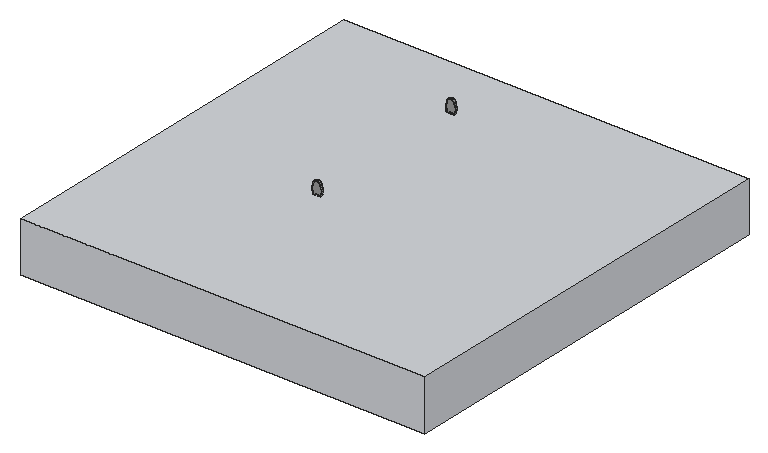
Revit family "Trade II торцевая крышка", category Обобщенные модели, Revit 2017
Family settings
  Основа = Грань
  Может служить основой для арматурных стержней = Нет
  Размер круглого соединителя = Использовать диаметр
  Тип детали = Нормальный
  При загрузке вырезать с полостями = Нет
  Общий = Нет
  Точка расчета площади = Нет
Parameters
  Расстояние от светильника до плоскости = Расстояние до плоскости + 72 mm  # 322 mm
  Расстояние до плоскости = 250 mm
  Default Elevation = 1219.2 mm
  Начало профиля = 500 mm
  Начало выделения = Начало профиля  # 500 mm
  Конец профиля = Начало профиля  # 500 mm
  Конец выделения = Конец профиля  # 500 mm
  Длина профиля = Начало профиля * 2  # 1000 mm
Reference planes
  plane 1 "По центру (Вперед/Назад)": y = 0
  plane 2: z = 0
  plane 3 "По центру (Влево/Вправо)": x = 0
  plane 4 "Плоскость низа светильника": z = 250
  plane 5 "Начало выд": y = -500
  plane 6 "Конец выд": y = 500
Forms (mm)
  Extrusion 1, solid
    sketch origin (0, 0, 0) x (1, 0, 0) y (0, 1, 0)
      loop
        line (-1219.2, 1219.2) -> (-1219.2, -1219.2) -> (1219.2, -1219.2) -> (1219.2, 1219.2) -> (-1219.2, 1219.2)
    from 0 to -304.8
  Extrusion 2, solid, material "Пластик ПК/АБС"
    sketch origin (0, 500, 0) x (0, 0, -1) y (1, 0, 0)
      loop
        arc (-298.752, 21.086) -> (-313.465, 14.795) -> (-319.533, -0.012) r 21.1
        arc (-319.533, -0.012) -> (-313.465, -14.818) -> (-298.752, -21.109) r 21.1
        arc (-298.752, -21.109) -> (-295.801, -23.179) -> (-292.204, -23.41) r 6.666
        arc (-292.204, -23.41) -> (-287.349, -22.848) -> (-283.631, -26.02) r 6.12
        line (-283.631, -26.02) -> (-282.1, -29.159)
        arc (-282.1, -29.159) -> (-281.536, -29.747) -> (-280.75, -29.964) r 1.536
        line (-280.75, -29.964) -> (-272.479, -29.964) -> (-264.208, -29.964)
        arc (-264.208, -29.964) -> (-263.423, -29.748) -> (-262.859, -29.161) r 1.536
        line (-262.859, -29.161) -> (-261.333, -26.017)
        arc (-261.333, -26.017) -> (-257.413, -22.783) -> (-252.402, -23.624) r 6.12
        arc (-252.402, -23.624) -> (-249.184, -24.431) -> (-246.185, -23.012) r 4.919
        arc (-246.185, -23.012) -> (-245.496, -23.055) -> (-244.832, -22.871) r 2.071
        arc (-244.832, -22.871) -> (-244.246, -22.355) -> (-244.028, -21.606) r 1.397
        line (-244.028, -21.606) -> (-244.028, -5.649) -> (-250, -5.649) -> (-250, -0.012) -> (-250, 5.625) -> (-244.028, 5.625) -> (-244.028, 21.583)
        arc (-244.028, 21.583) -> (-244.246, 22.332) -> (-244.832, 22.848) r 1.397
        arc (-244.832, 22.848) -> (-245.496, 23.032) -> (-246.185, 22.988) r 2.071
        arc (-246.185, 22.988) -> (-249.184, 24.408) -> (-252.402, 23.601) r 4.919
        arc (-252.402, 23.601) -> (-257.413, 22.759) -> (-261.333, 25.993) r 6.12
        line (-261.333, 25.993) -> (-262.859, 29.137)
        arc (-262.859, 29.137) -> (-263.423, 29.725) -> (-264.208, 29.94) r 1.536
        line (-264.208, 29.94) -> (-272.479, 29.94) -> (-280.75, 29.94)
        arc (-280.75, 29.94) -> (-281.536, 29.724) -> (-282.1, 29.136) r 1.536
        line (-282.1, 29.136) -> (-283.631, 25.997)
        arc (-283.631, 25.997) -> (-287.349, 22.825) -> (-292.204, 23.386) r 6.12
        arc (-292.204, 23.386) -> (-295.801, 23.156) -> (-298.752, 21.086) r 6.666
    from 0 to -1
  Extrusion 3, solid, material "Пластик ПК/АБС"
    sketch origin (0, -500, 0) x (0, 0, -1) y (1, 0, 0)
      loop
        line (-244.028, 5.632) -> (-244.028, 21.59)
        arc (-244.028, 21.59) -> (-244.246, 22.339) -> (-244.832, 22.854) r 1.397
        arc (-244.832, 22.854) -> (-245.496, 23.039) -> (-246.185, 22.995) r 2.071
        arc (-246.185, 22.995) -> (-249.184, 24.415) -> (-252.402, 23.607) r 4.919
        arc (-252.402, 23.607) -> (-257.413, 22.766) -> (-261.333, 26) r 6.12
        line (-261.333, 26) -> (-262.859, 29.144)
        arc (-262.859, 29.144) -> (-263.423, 29.731) -> (-264.208, 29.947) r 1.536
        line (-264.208, 29.947) -> (-272.479, 29.947) -> (-280.75, 29.947)
        arc (-280.75, 29.947) -> (-281.536, 29.731) -> (-282.1, 29.143) r 1.536
        line (-282.1, 29.143) -> (-283.631, 26.003)
        arc (-283.631, 26.003) -> (-287.349, 22.832) -> (-292.204, 23.393) r 6.12
        arc (-292.204, 23.393) -> (-295.801, 23.163) -> (-298.752, 21.093) r 6.666
        arc (-298.752, 21.093) -> (-313.465, 14.802) -> (-319.533, -0.005) r 21.1
        arc (-319.533, -0.005) -> (-313.465, -14.811) -> (-298.752, -21.102) r 21.1
        arc (-298.752, -21.102) -> (-295.801, -23.172) -> (-292.204, -23.403) r 6.666
        arc (-292.204, -23.403) -> (-287.349, -22.841) -> (-283.631, -26.013) r 6.12
        line (-283.631, -26.013) -> (-282.1, -29.153)
        arc (-282.1, -29.153) -> (-281.536, -29.741) -> (-280.75, -29.957) r 1.536
        line (-280.75, -29.957) -> (-272.479, -29.957) -> (-264.208, -29.957)
        arc (-264.208, -29.957) -> (-263.423, -29.741) -> (-262.859, -29.154) r 1.536
        line (-262.859, -29.154) -> (-261.333, -26.01)
        arc (-261.333, -26.01) -> (-257.413, -22.776) -> (-252.402, -23.617) r 6.12
        arc (-252.402, -23.617) -> (-249.184, -24.424) -> (-246.185, -23.005) r 4.919
        arc (-246.185, -23.005) -> (-245.496, -23.049) -> (-244.832, -22.864) r 2.071
        arc (-244.832, -22.864) -> (-244.246, -22.348) -> (-244.028, -21.599) r 1.397
        line (-244.028, -21.599) -> (-244.028, -5.642) -> (-248, -5.642) -> (-250, -5.649) -> (-250, 5.625) -> (-248, 5.625) -> (-244.028, 5.632)
    from 0 to 1
  Extrusion 4, solid, material "Пластик ПК/АБС"
    sketch origin (0, -500, 0) x (0, 0, -1) y (1, 0, 0)
      loop
        arc (-319.533, -0.005) -> (-313.465, -14.811) -> (-298.752, -21.102) r 21.1
        arc (-298.752, -21.102) -> (-295.801, -23.172) -> (-292.204, -23.403) r 6.666
        arc (-292.204, -23.403) -> (-287.349, -22.841) -> (-283.631, -26.013) r 6.12
        line (-283.631, -26.013) -> (-282.1, -29.153)
        arc (-282.1, -29.153) -> (-281.536, -29.741) -> (-280.75, -29.957) r 1.536
        line (-280.75, -29.957) -> (-272.479, -29.957) -> (-264.208, -29.957)
        arc (-264.208, -29.957) -> (-263.423, -29.741) -> (-262.859, -29.154) r 1.536
        line (-262.859, -29.154) -> (-261.333, -26.01)
        arc (-261.333, -26.01) -> (-257.413, -22.776) -> (-252.402, -23.617) r 6.12
        arc (-252.402, -23.617) -> (-249.184, -24.424) -> (-246.185, -23.005) r 4.919
        arc (-246.185, -23.005) -> (-245.496, -23.049) -> (-244.832, -22.864) r 2.071
        arc (-244.832, -22.864) -> (-244.246, -22.348) -> (-244.028, -21.599) r 1.397
        line (-244.028, -21.599) -> (-244.028, -5.642) -> (-248, -5.642) -> (-250, -5.649) -> (-250, -0.012) -> (-250, 5.639) -> (-248, 5.639) -> (-244.028, 5.632) -> (-244.028, 21.59)
        arc (-244.028, 21.59) -> (-244.246, 22.339) -> (-244.832, 22.854) r 1.397
        arc (-244.832, 22.854) -> (-245.496, 23.039) -> (-246.185, 22.995) r 2.071
        arc (-246.185, 22.995) -> (-249.184, 24.415) -> (-252.402, 23.607) r 4.919
        arc (-252.402, 23.607) -> (-257.413, 22.766) -> (-261.333, 26) r 6.12
        line (-261.333, 26) -> (-262.859, 29.144)
        arc (-262.859, 29.144) -> (-263.423, 29.731) -> (-264.208, 29.947) r 1.536
        line (-264.208, 29.947) -> (-272.479, 29.947) -> (-280.75, 29.947)
        arc (-280.75, 29.947) -> (-281.536, 29.731) -> (-282.1, 29.143) r 1.536
        line (-282.1, 29.143) -> (-283.631, 26.003)
        arc (-283.631, 26.003) -> (-287.349, 22.832) -> (-292.204, 23.393) r 6.12
        arc (-292.204, 23.393) -> (-295.801, 23.163) -> (-298.752, 21.093) r 6.666
        arc (-298.752, 21.093) -> (-313.465, 14.802) -> (-319.533, -0.005) r 21.1
      loop
        arc (-321.533, -0.005) -> (-315.194, -15.9) -> (-299.657, -23.072) r 23.1
        arc (-299.657, -23.072) -> (-295.831, -25.254) -> (-291.427, -25.274) r 8.666
        arc (-291.427, -25.274) -> (-288.06, -24.718) -> (-285.429, -26.89) r 4.12
        line (-285.429, -26.89) -> (-283.883, -30.06)
        arc (-283.883, -30.06) -> (-282.581, -31.446) -> (-280.75, -31.957) r 3.536
        line (-280.75, -31.957) -> (-272.479, -31.957) -> (-264.208, -31.957)
        arc (-264.208, -31.957) -> (-262.377, -31.446) -> (-261.075, -30.06) r 3.536
        line (-261.075, -30.06) -> (-259.534, -26.884)
        arc (-259.534, -26.884) -> (-256.893, -24.707) -> (-253.519, -25.276) r 4.12
        arc (-253.519, -25.276) -> (-249.474, -26.446) -> (-245.501, -25.054) r 6.919
        arc (-245.501, -25.054) -> (-244.724, -24.938) -> (-243.983, -24.675) r 4.071
        arc (-243.983, -24.675) -> (-242.558, -23.421) -> (-242.028, -21.599) r 3.397
        line (-242.028, -21.599) -> (-242.028, -3.642) -> (-248, -3.642) -> (-248, -0.012) -> (-248, 3.632) -> (-242.028, 3.632) -> (-242.028, 21.59)
        arc (-242.028, 21.59) -> (-242.558, 23.412) -> (-243.983, 24.665) r 3.397
        arc (-243.983, 24.665) -> (-244.724, 24.929) -> (-245.501, 25.045) r 4.071
        arc (-245.501, 25.045) -> (-249.474, 26.436) -> (-253.519, 25.267) r 6.919
        arc (-253.519, 25.267) -> (-256.893, 24.698) -> (-259.534, 26.875) r 4.12
        line (-259.534, 26.875) -> (-261.075, 30.05)
        arc (-261.075, 30.05) -> (-262.377, 31.436) -> (-264.208, 31.947) r 3.536
        line (-264.208, 31.947) -> (-272.479, 31.947) -> (-280.75, 31.947)
        arc (-280.75, 31.947) -> (-282.581, 31.436) -> (-283.883, 30.05) r 3.536
        line (-283.883, 30.05) -> (-285.429, 26.88)
        arc (-285.429, 26.88) -> (-288.06, 24.708) -> (-291.427, 25.265) r 4.12
        arc (-291.427, 25.265) -> (-295.831, 25.245) -> (-299.657, 23.063) r 8.666
        arc (-299.657, 23.063) -> (-315.194, 15.891) -> (-321.533, -0.005) r 23.1
    from 0 to 9
  Extrusion 5, solid, material "Пластик ПК/АБС"
    sketch origin (0, 500, 0) x (0, 0, -1) y (1, 0, 0)
      loop
        arc (-319.526, -0.004) -> (-313.459, -14.811) -> (-298.746, -21.101) r 21.1
        arc (-298.746, -21.101) -> (-295.795, -23.171) -> (-292.197, -23.402) r 6.666
        arc (-292.197, -23.402) -> (-287.343, -22.84) -> (-283.625, -26.012) r 6.12
        line (-283.625, -26.012) -> (-282.093, -29.152)
        arc (-282.093, -29.152) -> (-281.529, -29.74) -> (-280.743, -29.956) r 1.536
        line (-280.743, -29.956) -> (-272.472, -29.956) -> (-264.202, -29.956)
        arc (-264.202, -29.956) -> (-263.416, -29.74) -> (-262.852, -29.153) r 1.536
        line (-262.852, -29.153) -> (-261.326, -26.009)
        arc (-261.326, -26.009) -> (-257.406, -22.775) -> (-252.395, -23.616) r 6.12
        arc (-252.395, -23.616) -> (-249.177, -24.424) -> (-246.178, -23.004) r 4.919
        arc (-246.178, -23.004) -> (-245.49, -23.048) -> (-244.825, -22.863) r 2.071
        arc (-244.825, -22.863) -> (-244.239, -22.348) -> (-244.021, -21.598) r 1.397
        line (-244.021, -21.598) -> (-244.021, -5.641) -> (-247.993, -5.641) -> (-249.993, -5.648) -> (-249.993, -0.011) -> (-249.993, 5.64) -> (-247.993, 5.64) -> (-244.021, 5.633) -> (-244.021, 21.59)
        arc (-244.021, 21.59) -> (-244.239, 22.34) -> (-244.825, 22.855) r 1.397
        arc (-244.825, 22.855) -> (-245.49, 23.04) -> (-246.178, 22.996) r 2.071
        arc (-246.178, 22.996) -> (-249.177, 24.416) -> (-252.395, 23.608) r 4.919
        arc (-252.395, 23.608) -> (-257.406, 22.767) -> (-261.326, 26.001) r 6.12
        line (-261.326, 26.001) -> (-262.852, 29.145)
        arc (-262.852, 29.145) -> (-263.416, 29.732) -> (-264.202, 29.948) r 1.536
        line (-264.202, 29.948) -> (-272.472, 29.948) -> (-280.743, 29.948)
        arc (-280.743, 29.948) -> (-281.529, 29.732) -> (-282.093, 29.144) r 1.536
        line (-282.093, 29.144) -> (-283.625, 26.004)
        arc (-283.625, 26.004) -> (-287.343, 22.833) -> (-292.197, 23.394) r 6.12
        arc (-292.197, 23.394) -> (-295.795, 23.163) -> (-298.746, 21.094) r 6.666
        arc (-298.746, 21.094) -> (-313.459, 14.803) -> (-319.526, -0.004) r 21.1
      loop
        arc (-321.526, -0.004) -> (-315.188, -15.899) -> (-299.65, -23.071) r 23.1
        arc (-299.65, -23.071) -> (-295.824, -25.254) -> (-291.42, -25.273) r 8.666
        arc (-291.42, -25.273) -> (-288.054, -24.717) -> (-285.422, -26.889) r 4.12
        line (-285.422, -26.889) -> (-283.876, -30.059)
        arc (-283.876, -30.059) -> (-282.575, -31.445) -> (-280.743, -31.956) r 3.536
        line (-280.743, -31.956) -> (-272.472, -31.956) -> (-264.202, -31.956)
        arc (-264.202, -31.956) -> (-262.37, -31.445) -> (-261.068, -30.059) r 3.536
        line (-261.068, -30.059) -> (-259.527, -26.883)
        arc (-259.527, -26.883) -> (-256.887, -24.706) -> (-253.512, -25.275) r 4.12
        arc (-253.512, -25.275) -> (-249.468, -26.445) -> (-245.494, -25.053) r 6.919
        arc (-245.494, -25.053) -> (-244.717, -24.937) -> (-243.976, -24.674) r 4.071
        arc (-243.976, -24.674) -> (-242.551, -23.421) -> (-242.021, -21.598) r 3.397
        line (-242.021, -21.598) -> (-242.021, -3.641) -> (-247.993, -3.641) -> (-247.993, -0.011) -> (-247.993, 3.633) -> (-242.021, 3.633) -> (-242.021, 21.59)
        arc (-242.021, 21.59) -> (-242.551, 23.413) -> (-243.976, 24.666) r 3.397
        arc (-243.976, 24.666) -> (-244.717, 24.93) -> (-245.494, 25.046) r 4.071
        arc (-245.494, 25.046) -> (-249.468, 26.437) -> (-253.512, 25.267) r 6.919
        arc (-253.512, 25.267) -> (-256.887, 24.698) -> (-259.527, 26.875) r 4.12
        line (-259.527, 26.875) -> (-261.068, 30.051)
        arc (-261.068, 30.051) -> (-262.37, 31.437) -> (-264.202, 31.948) r 3.536
        line (-264.202, 31.948) -> (-272.472, 31.948) -> (-280.743, 31.948)
        arc (-280.743, 31.948) -> (-282.575, 31.437) -> (-283.876, 30.051) r 3.536
        line (-283.876, 30.051) -> (-285.422, 26.881)
        arc (-285.422, 26.881) -> (-288.054, 24.709) -> (-291.42, 25.265) r 4.12
        arc (-291.42, 25.265) -> (-295.824, 25.246) -> (-299.65, 23.064) r 8.666
        arc (-299.65, 23.064) -> (-315.188, 15.892) -> (-321.526, -0.004) r 23.1
    from 0 to -9
  Extrusion 6, solid, material "Пластик ПК/АБС"
    sketch origin (0, -500, 0) x (0, 0, -1) y (1, 0, 0)
      loop
        line (-244.028, 5.632) -> (-244.028, 21.59)
        arc (-244.028, 21.59) -> (-244.246, 22.339) -> (-244.832, 22.854) r 1.397
        arc (-244.832, 22.854) -> (-245.496, 23.039) -> (-246.185, 22.995) r 2.071
        arc (-246.185, 22.995) -> (-249.184, 24.415) -> (-252.402, 23.607) r 4.919
        arc (-252.402, 23.607) -> (-257.413, 22.766) -> (-261.333, 26) r 6.12
        line (-261.333, 26) -> (-262.859, 29.144)
        arc (-262.859, 29.144) -> (-263.423, 29.731) -> (-264.208, 29.947) r 1.536
        line (-264.208, 29.947) -> (-272.479, 29.947) -> (-280.75, 29.947)
        arc (-280.75, 29.947) -> (-281.536, 29.731) -> (-282.1, 29.143) r 1.536
        line (-282.1, 29.143) -> (-283.631, 26.003)
        arc (-283.631, 26.003) -> (-287.349, 22.832) -> (-292.204, 23.393) r 6.12
        arc (-292.204, 23.393) -> (-295.801, 23.163) -> (-298.752, 21.093) r 6.666
        arc (-298.752, 21.093) -> (-313.465, 14.802) -> (-319.533, -0.005) r 21.1
        arc (-319.533, -0.005) -> (-313.465, -14.811) -> (-298.752, -21.102) r 21.1
        arc (-298.752, -21.102) -> (-295.801, -23.172) -> (-292.204, -23.403) r 6.666
        arc (-292.204, -23.403) -> (-287.349, -22.841) -> (-283.631, -26.013) r 6.12
        line (-283.631, -26.013) -> (-282.1, -29.153)
        arc (-282.1, -29.153) -> (-281.536, -29.741) -> (-280.75, -29.957) r 1.536
        line (-280.75, -29.957) -> (-272.479, -29.957) -> (-264.208, -29.957)
        arc (-264.208, -29.957) -> (-263.423, -29.741) -> (-262.859, -29.154) r 1.536
        line (-262.859, -29.154) -> (-261.333, -26.01)
        arc (-261.333, -26.01) -> (-257.413, -22.776) -> (-252.402, -23.617) r 6.12
        arc (-252.402, -23.617) -> (-249.184, -24.424) -> (-246.185, -23.005) r 4.919
        arc (-246.185, -23.005) -> (-245.496, -23.049) -> (-244.832, -22.864) r 2.071
        arc (-244.832, -22.864) -> (-244.246, -22.348) -> (-244.028, -21.599) r 1.397
        line (-244.028, -21.599) -> (-244.028, -5.642) -> (-248, -5.642) -> (-250, -5.649) -> (-250, 5.625) -> (-248, 5.625) -> (-244.028, 5.632)
    from 8 to 9
  Extrusion 7, solid, material "Пластик ПК/АБС"
    sketch origin (0, 500, 0) x (0, 0, -1) y (1, 0, 0)
      loop
        line (-244.028, 5.632) -> (-244.028, 21.59)
        arc (-244.028, 21.59) -> (-244.246, 22.339) -> (-244.832, 22.854) r 1.397
        arc (-244.832, 22.854) -> (-245.496, 23.039) -> (-246.185, 22.995) r 2.071
        arc (-246.185, 22.995) -> (-249.184, 24.415) -> (-252.402, 23.607) r 4.919
        arc (-252.402, 23.607) -> (-257.413, 22.766) -> (-261.333, 26) r 6.12
        line (-261.333, 26) -> (-262.859, 29.144)
        arc (-262.859, 29.144) -> (-263.423, 29.731) -> (-264.208, 29.947) r 1.536
        line (-264.208, 29.947) -> (-272.479, 29.947) -> (-280.75, 29.947)
        arc (-280.75, 29.947) -> (-281.536, 29.731) -> (-282.1, 29.143) r 1.536
        line (-282.1, 29.143) -> (-283.631, 26.003)
        arc (-283.631, 26.003) -> (-287.349, 22.832) -> (-292.204, 23.393) r 6.12
        arc (-292.204, 23.393) -> (-295.801, 23.163) -> (-298.752, 21.093) r 6.666
        arc (-298.752, 21.093) -> (-313.465, 14.802) -> (-319.533, -0.005) r 21.1
        arc (-319.533, -0.005) -> (-313.465, -14.811) -> (-298.752, -21.102) r 21.1
        arc (-298.752, -21.102) -> (-295.801, -23.172) -> (-292.204, -23.403) r 6.666
        arc (-292.204, -23.403) -> (-287.349, -22.841) -> (-283.631, -26.013) r 6.12
        line (-283.631, -26.013) -> (-282.1, -29.153)
        arc (-282.1, -29.153) -> (-281.536, -29.741) -> (-280.75, -29.957) r 1.536
        line (-280.75, -29.957) -> (-272.479, -29.957) -> (-264.208, -29.957)
        arc (-264.208, -29.957) -> (-263.423, -29.741) -> (-262.859, -29.154) r 1.536
        line (-262.859, -29.154) -> (-261.333, -26.01)
        arc (-261.333, -26.01) -> (-257.413, -22.776) -> (-252.402, -23.617) r 6.12
        arc (-252.402, -23.617) -> (-249.184, -24.424) -> (-246.185, -23.005) r 4.919
        arc (-246.185, -23.005) -> (-245.496, -23.049) -> (-244.832, -22.864) r 2.071
        arc (-244.832, -22.864) -> (-244.246, -22.348) -> (-244.028, -21.599) r 1.397
        line (-244.028, -21.599) -> (-244.028, -5.642) -> (-248, -5.642) -> (-250, -5.649) -> (-250, 5.625) -> (-248, 5.625) -> (-244.028, 5.632)
    from -8 to -9
Dimensions and locks
  "Расстояние до плоскости": plane 4 "Плоскость низа светильника" to Extrusion 1
  "Начало выделения": plane 5 "Начало выд" to plane 1 "По центру (Вперед/Назад)"
  "Конец выделения": plane 1 "По центру (Вперед/Назад)" to plane 6 "Конец выд"
  aligned and locked: plane 2 to Extrusion 1
  aligned and locked: level to Extrusion 1
Automatic sketch dimensions
  Extrusion 1 sketch curve to Extrusion 1 sketch curve = 2438.4 mm  (x2)
  Extrusion 2 sketch curve to Extrusion 2 sketch curve = 0 mm  (x2)
  Extrusion 2 sketch curve to plane 4 "Плоскость низа светильника" = 0 mm
  plane 4 "Плоскость низа светильника" to Extrusion 2 sketch curve = 5.829 mm  (x2)
  Extrusion 2 sketch curve to Extrusion 2 sketch curve = 5.503 mm  (x2)
  Extrusion 2 sketch curve to Extrusion 2 sketch curve = 1.526 mm  (x2)
  Extrusion 2 sketch curve to Extrusion 2 sketch curve = 1.35 mm  (x4)
  Extrusion 2 sketch curve to Extrusion 2 sketch curve = 8.271 mm  (x4)
  Extrusion 2 sketch curve to Extrusion 2 sketch curve = 1.531 mm  (x2)
  Extrusion 2 sketch curve to Extrusion 2 sketch curve = 5.501 mm  (x2)
  Extrusion 2 sketch curve to Extrusion 2 sketch curve = 4.46 mm  (x2)
  Extrusion 2 sketch curve to plane 3 "По центру (Влево/Вправо)" = 0.012 mm  (x2)
  Extrusion 2 sketch curve to Extrusion 2 sketch curve = 4.841 mm
  Extrusion 2 sketch curve to plane 4 "Плоскость низа светильника" = 0.334 mm  (x2)
  Extrusion 2 sketch curve to Extrusion 2 sketch curve = 3.955 mm  (x2)
  Extrusion 2 sketch curve to Extrusion 2 sketch curve = 0.286 mm  (x2)
  Extrusion 2 sketch curve to Extrusion 2 sketch curve = 1.397 mm
  Extrusion 2 sketch curve to plane 4 "Плоскость низа светильника" = 5.972 mm
  Extrusion 2 sketch curve to plane 3 "По центру (Влево/Вправо)" = 5.649 mm
  Extrusion 2 sketch curve to plane 3 "По центру (Влево/Вправо)" = 16.89 mm
  Extrusion 2 sketch curve to Extrusion 2 sketch curve = 13.888 mm  (x2)
  Extrusion 2 sketch curve to Extrusion 2 sketch curve = 1.459 mm  (x2)
  Extrusion 2 sketch curve to Extrusion 2 sketch curve = 0.611 mm  (x2)
  Extrusion 2 sketch curve to Extrusion 2 sketch curve = 6.48 mm  (x2)
  Extrusion 2 sketch curve to Extrusion 2 sketch curve = 9.13 mm  (x2)
  Extrusion 2 sketch curve to Extrusion 2 sketch curve = 2.408 mm  (x2)
  Extrusion 2 sketch curve to Extrusion 2 sketch curve = 2.412 mm  (x2)
  Extrusion 2 sketch curve to Extrusion 2 sketch curve = 2.678 mm  (x2)
  Extrusion 2 sketch curve to Extrusion 2 sketch curve = 2.683 mm  (x2)
  Extrusion 2 sketch curve to Extrusion 2 sketch curve = 0.731 mm  (x2)
  plane 3 "По центру (Влево/Вправо)" to Extrusion 2 sketch curve = 5.625 mm
  plane 3 "По центру (Влево/Вправо)" to Extrusion 2 sketch curve = 16.867 mm
  plane 4 "Плоскость низа светильника" to Extrusion 2 sketch curve = 2.402 mm  (x2)
  Extrusion 2 sketch curve to Extrusion 2 sketch curve = 3.072 mm  (x2)
  Extrusion 2 sketch curve to Extrusion 2 sketch curve = 5.16 mm
  Extrusion 2 sketch curve to Extrusion 2 sketch curve = 1.353 mm  (x2)
  Extrusion 3 sketch curve to Extrusion 3 sketch curve = 0 mm  (x4)
  Extrusion 3 sketch curve to plane 4 "Плоскость низа светильника" = 0 mm
  plane 4 "Плоскость низа светильника" to Extrusion 3 sketch curve = 5.829 mm  (x2)
  Extrusion 3 sketch curve to Extrusion 3 sketch curve = 5.503 mm  (x2)
  Extrusion 3 sketch curve to Extrusion 3 sketch curve = 1.526 mm  (x2)
  Extrusion 3 sketch curve to Extrusion 3 sketch curve = 1.35 mm  (x4)
  Extrusion 3 sketch curve to Extrusion 3 sketch curve = 8.271 mm  (x4)
  Extrusion 3 sketch curve to Extrusion 3 sketch curve = 1.531 mm  (x2)
  Extrusion 3 sketch curve to Extrusion 3 sketch curve = 5.501 mm  (x2)
  Extrusion 3 sketch curve to Extrusion 3 sketch curve = 4.46 mm  (x2)
  Extrusion 3 sketch curve to plane 3 "По центру (Влево/Вправо)" = 0.005 mm
  Extrusion 3 sketch curve to Extrusion 3 sketch curve = 4.841 mm
  Extrusion 3 sketch curve to plane 4 "Плоскость низа светильника" = 0.334 mm  (x2)
  Extrusion 3 sketch curve to Extrusion 3 sketch curve = 3.955 mm  (x2)
  Extrusion 3 sketch curve to Extrusion 3 sketch curve = 0.286 mm  (x2)
  Extrusion 3 sketch curve to plane 4 "Плоскость низа светильника" = 5.972 mm  (x2)
  Extrusion 3 sketch curve to plane 3 "По центру (Влево/Вправо)" = 5.642 mm
  Extrusion 3 sketch curve to Extrusion 3 sketch curve = 0.007 mm  (x2)
  Extrusion 3 sketch curve to plane 3 "По центру (Влево/Вправо)" = 16.883 mm
  Extrusion 3 sketch curve to Extrusion 3 sketch curve = 13.881 mm
  Extrusion 3 sketch curve to Extrusion 3 sketch curve = 1.459 mm  (x2)
  Extrusion 3 sketch curve to Extrusion 3 sketch curve = 0.611 mm  (x2)
  Extrusion 3 sketch curve to Extrusion 3 sketch curve = 6.48 mm  (x2)
  Extrusion 3 sketch curve to Extrusion 3 sketch curve = 9.13 mm  (x2)
  Extrusion 3 sketch curve to Extrusion 3 sketch curve = 2.408 mm  (x2)
  Extrusion 3 sketch curve to Extrusion 3 sketch curve = 2.412 mm  (x2)
  Extrusion 3 sketch curve to Extrusion 3 sketch curve = 2.678 mm  (x2)
  Extrusion 3 sketch curve to Extrusion 3 sketch curve = 2.683 mm  (x2)
  Extrusion 3 sketch curve to Extrusion 3 sketch curve = 0.731 mm  (x2)
  plane 3 "По центру (Влево/Вправо)" to Extrusion 3 sketch curve = 5.625 mm
  plane 3 "По центру (Влево/Вправо)" to Extrusion 3 sketch curve = 16.874 mm
  Extrusion 3 sketch curve to Extrusion 3 sketch curve = 13.895 mm
  plane 4 "Плоскость низа светильника" to Extrusion 3 sketch curve = 2.402 mm  (x2)
  Extrusion 3 sketch curve to Extrusion 3 sketch curve = 3.072 mm  (x2)
  Extrusion 3 sketch curve to Extrusion 3 sketch curve = 5.16 mm
  Extrusion 3 sketch curve to plane 4 "Плоскость низа светильника" = 2 mm  (x2)
  Extrusion 3 sketch curve to Extrusion 3 sketch curve = 1.353 mm  (x2)
  Extrusion 4 sketch curve to Extrusion 4 sketch curve = 0 mm  (x48)
  Extrusion 4 sketch curve to plane 4 "Плоскость низа светильника" = 0 mm
  plane 4 "Плоскость низа светильника" to Extrusion 4 sketch curve = 5.829 mm  (x2)
  Extrusion 4 sketch curve to Extrusion 4 sketch curve = 3.705 mm  (x2)
  Extrusion 4 sketch curve to Extrusion 4 sketch curve = 1.541 mm  (x2)
  Extrusion 4 sketch curve to Extrusion 4 sketch curve = 1.799 mm  (x2)
  Extrusion 4 sketch curve to Extrusion 4 sketch curve = 1.783 mm  (x4)
  Extrusion 4 sketch curve to Extrusion 4 sketch curve = 1.35 mm  (x4)
  Extrusion 4 sketch curve to Extrusion 4 sketch curve = 8.271 mm  (x4)
  Extrusion 4 sketch curve to Extrusion 4 sketch curve = 1.531 mm  (x2)
  Extrusion 4 sketch curve to Extrusion 4 sketch curve = 1.798 mm  (x2)
  Extrusion 4 sketch curve to Extrusion 4 sketch curve = 3.703 mm  (x2)
  Extrusion 4 sketch curve to Extrusion 4 sketch curve = 4.46 mm  (x2)
  Extrusion 4 sketch curve to plane 3 "По центру (Влево/Вправо)" = 0.005 mm
  Extrusion 4 sketch curve to Extrusion 4 sketch curve = 4.841 mm
  Extrusion 4 sketch curve to plane 4 "Плоскость низа светильника" = 0.334 mm  (x2)
  Extrusion 4 sketch curve to plane 4 "Плоскость низа светильника" = 2 mm  (x2)
  Extrusion 4 sketch curve to Extrusion 4 sketch curve = 3.955 mm  (x2)
  Extrusion 4 sketch curve to Extrusion 4 sketch curve = 0.286 mm  (x2)
  Extrusion 4 sketch curve to Extrusion 4 sketch curve = 3.972 mm
  Extrusion 4 sketch curve to Extrusion 4 sketch curve = 1.397 mm
  Extrusion 4 sketch curve to Extrusion 4 sketch curve = 2 mm  (x5)
  Extrusion 4 sketch curve to plane 3 "По центру (Влево/Вправо)" = 0.012 mm  (x2)
  Extrusion 4 sketch curve to Extrusion 4 sketch curve = 3.63 mm
  Extrusion 4 sketch curve to Extrusion 4 sketch curve = 0.007 mm  (x2)
  Extrusion 4 sketch curve to plane 3 "По центру (Влево/Вправо)" = 16.883 mm
  Extrusion 4 sketch curve to Extrusion 4 sketch curve = 13.881 mm  (x2)
  Extrusion 4 sketch curve to Extrusion 4 sketch curve = 1.459 mm  (x2)
  Extrusion 4 sketch curve to Extrusion 4 sketch curve = 0.611 mm  (x2)
  Extrusion 4 sketch curve to Extrusion 4 sketch curve = 6.48 mm  (x2)
  Extrusion 4 sketch curve to Extrusion 4 sketch curve = 9.13 mm  (x2)
  Extrusion 4 sketch curve to Extrusion 4 sketch curve = 0.874 mm  (x2)
  Extrusion 4 sketch curve to Extrusion 4 sketch curve = 0.877 mm  (x2)
  Extrusion 4 sketch curve to Extrusion 4 sketch curve = 2.412 mm  (x2)
  Extrusion 4 sketch curve to Extrusion 4 sketch curve = 2.408 mm  (x2)
  Extrusion 4 sketch curve to Extrusion 4 sketch curve = 1.804 mm  (x2)
  Extrusion 4 sketch curve to Extrusion 4 sketch curve = 1.806 mm  (x2)
  Extrusion 4 sketch curve to Extrusion 4 sketch curve = 0.731 mm  (x2)
  Extrusion 4 sketch curve to Extrusion 4 sketch curve = 0.907 mm
  plane 3 "По центру (Влево/Вправо)" to Extrusion 4 sketch curve = 3.632 mm
  plane 3 "По центру (Влево/Вправо)" to Extrusion 4 sketch curve = 16.874 mm
  Extrusion 4 sketch curve to Extrusion 4 sketch curve = 0.906 mm
  plane 4 "Плоскость низа светильника" to Extrusion 4 sketch curve = 2.402 mm  (x2)
  Extrusion 4 sketch curve to Extrusion 4 sketch curve = 1.117 mm  (x2)
  Extrusion 4 sketch curve to Extrusion 4 sketch curve = 2.295 mm  (x2)
  Extrusion 4 sketch curve to Extrusion 4 sketch curve = 0.778 mm  (x2)
  Extrusion 4 sketch curve to Extrusion 4 sketch curve = 5.16 mm
  Extrusion 4 sketch curve to Extrusion 4 sketch curve = 0.905 mm
  Extrusion 4 sketch curve to Extrusion 4 sketch curve = 1.353 mm  (x2)
  Extrusion 4 sketch curve to Extrusion 4 sketch curve = 1.518 mm  (x2)
  Extrusion 5 sketch curve to Extrusion 5 sketch curve = 0 mm  (x49)
  Extrusion 5 sketch curve to plane 3 "По центру (Влево/Вправо)" = 0.004 mm
  plane 4 "Плоскость низа светильника" to Extrusion 5 sketch curve = 48.426 mm
  Extrusion 5 sketch curve to Extrusion 5 sketch curve = 4.841 mm  (x2)
  Extrusion 5 sketch curve to Extrusion 5 sketch curve = 4.46 mm  (x2)
  Extrusion 5 sketch curve to Extrusion 5 sketch curve = 3.703 mm  (x2)
  Extrusion 5 sketch curve to plane 3 "По центру (Влево/Вправо)" = 26.889 mm
  Extrusion 5 sketch curve to Extrusion 5 sketch curve = 1.546 mm  (x2)
  Extrusion 5 sketch curve to Extrusion 5 sketch curve = 1.798 mm  (x2)
  Extrusion 5 sketch curve to Extrusion 5 sketch curve = 1.783 mm  (x4)
  Extrusion 5 sketch curve to Extrusion 5 sketch curve = 1.35 mm  (x4)
  Extrusion 5 sketch curve to Extrusion 5 sketch curve = 8.271 mm  (x4)
  Extrusion 5 sketch curve to Extrusion 5 sketch curve = 1.526 mm  (x2)
  Extrusion 5 sketch curve to Extrusion 5 sketch curve = 1.799 mm  (x2)
  Extrusion 5 sketch curve to Extrusion 5 sketch curve = 3.705 mm  (x2)
  Extrusion 5 sketch curve to plane 4 "Плоскость низа светильника" = 0.007 mm
  Extrusion 5 sketch curve to plane 4 "Плоскость низа светильника" = 0.341 mm  (x2)
  Extrusion 5 sketch curve to plane 4 "Плоскость низа светильника" = 2.007 mm
  Extrusion 5 sketch curve to Extrusion 5 sketch curve = 3.955 mm  (x2)
  Extrusion 5 sketch curve to Extrusion 5 sketch curve = 0.286 mm  (x2)
  Extrusion 5 sketch curve to Extrusion 5 sketch curve = 3.972 mm
  Extrusion 5 sketch curve to Extrusion 5 sketch curve = 1.397 mm
  Extrusion 5 sketch curve to Extrusion 5 sketch curve = 2 mm  (x6)
  Extrusion 5 sketch curve to Extrusion 5 sketch curve = 1.532 mm  (x2)
  Extrusion 5 sketch curve to Extrusion 5 sketch curve = 0.266 mm
  Extrusion 5 sketch curve to Extrusion 5 sketch curve = 1.806 mm  (x2)
  Extrusion 5 sketch curve to Extrusion 5 sketch curve = 0.731 mm  (x2)
  Extrusion 5 sketch curve to Extrusion 5 sketch curve = 0.907 mm
  Extrusion 5 sketch curve to Extrusion 5 sketch curve = 3.176 mm
  Extrusion 5 sketch curve to Extrusion 5 sketch curve = 0.877 mm  (x2)
  Extrusion 5 sketch curve to Extrusion 5 sketch curve = 0.874 mm  (x2)
  Extrusion 5 sketch curve to Extrusion 5 sketch curve = 7.088 mm
  Extrusion 5 sketch curve to Extrusion 5 sketch curve = 0.611 mm  (x2)
  Extrusion 5 sketch curve to Extrusion 5 sketch curve = 1.459 mm  (x2)
  Extrusion 5 sketch curve to Extrusion 5 sketch curve = 11.813 mm
  Extrusion 5 sketch curve to plane 3 "По центру (Влево/Вправо)" = 5.648 mm
  Extrusion 5 sketch curve to Extrusion 5 sketch curve = 0.007 mm  (x2)
  Extrusion 5 sketch curve to plane 3 "По центру (Влево/Вправо)" = 0.011 mm  (x2)
  plane 3 "По центру (Влево/Вправо)" to Extrusion 5 sketch curve = 3.633 mm
  plane 3 "По центру (Влево/Вправо)" to Extrusion 5 sketch curve = 16.874 mm
  Extrusion 5 sketch curve to Extrusion 5 sketch curve = 13.881 mm
  Extrusion 5 sketch curve to Extrusion 5 sketch curve = 6.48 mm
  Extrusion 5 sketch curve to Extrusion 5 sketch curve = 9.13 mm
  Extrusion 5 sketch curve to Extrusion 5 sketch curve = 2.408 mm
  Extrusion 5 sketch curve to Extrusion 5 sketch curve = 2.412 mm
  Extrusion 5 sketch curve to Extrusion 5 sketch curve = 1.804 mm
  Extrusion 5 sketch curve to Extrusion 5 sketch curve = 0.906 mm
  Extrusion 5 sketch curve to Extrusion 5 sketch curve = 5.16 mm  (x2)
  Extrusion 5 sketch curve to Extrusion 5 sketch curve = 0.905 mm  (x2)
  Extrusion 5 sketch curve to Extrusion 5 sketch curve = 21.1 mm
  plane 4 "Плоскость низа светильника" to Extrusion 5 sketch curve = 3.512 mm  (x2)
  Extrusion 5 sketch curve to Extrusion 5 sketch curve = 1.117 mm  (x2)
  Extrusion 5 sketch curve to Extrusion 5 sketch curve = 1.353 mm  (x2)
  Extrusion 5 sketch curve to Extrusion 5 sketch curve = 1.518 mm  (x2)
  Extrusion 6 sketch curve to Extrusion 6 sketch curve = 0 mm  (x4)
  Extrusion 6 sketch curve to plane 4 "Плоскость низа светильника" = 0 mm
  plane 4 "Плоскость низа светильника" to Extrusion 6 sketch curve = 5.829 mm  (x2)
  Extrusion 6 sketch curve to Extrusion 6 sketch curve = 5.503 mm  (x2)
  Extrusion 6 sketch curve to Extrusion 6 sketch curve = 1.526 mm  (x2)
  Extrusion 6 sketch curve to Extrusion 6 sketch curve = 1.35 mm  (x4)
  Extrusion 6 sketch curve to Extrusion 6 sketch curve = 8.271 mm  (x4)
  Extrusion 6 sketch curve to Extrusion 6 sketch curve = 1.531 mm  (x2)
  Extrusion 6 sketch curve to Extrusion 6 sketch curve = 5.501 mm  (x2)
  Extrusion 6 sketch curve to Extrusion 6 sketch curve = 4.46 mm  (x2)
  Extrusion 6 sketch curve to plane 3 "По центру (Влево/Вправо)" = 0.005 mm
  Extrusion 6 sketch curve to Extrusion 6 sketch curve = 4.841 mm
  Extrusion 6 sketch curve to plane 4 "Плоскость низа светильника" = 0.334 mm  (x2)
  Extrusion 6 sketch curve to Extrusion 6 sketch curve = 3.955 mm  (x2)
  Extrusion 6 sketch curve to Extrusion 6 sketch curve = 0.286 mm  (x2)
  Extrusion 6 sketch curve to plane 4 "Плоскость низа светильника" = 5.972 mm  (x2)
  Extrusion 6 sketch curve to plane 3 "По центру (Влево/Вправо)" = 5.642 mm
  Extrusion 6 sketch curve to Extrusion 6 sketch curve = 0.007 mm  (x2)
  Extrusion 6 sketch curve to plane 3 "По центру (Влево/Вправо)" = 16.883 mm
  Extrusion 6 sketch curve to Extrusion 6 sketch curve = 13.881 mm
  Extrusion 6 sketch curve to Extrusion 6 sketch curve = 1.459 mm  (x2)
  Extrusion 6 sketch curve to Extrusion 6 sketch curve = 0.611 mm  (x2)
  Extrusion 6 sketch curve to Extrusion 6 sketch curve = 6.48 mm  (x2)
  Extrusion 6 sketch curve to Extrusion 6 sketch curve = 9.13 mm  (x2)
  Extrusion 6 sketch curve to Extrusion 6 sketch curve = 2.408 mm  (x2)
  Extrusion 6 sketch curve to Extrusion 6 sketch curve = 2.412 mm  (x2)
  Extrusion 6 sketch curve to Extrusion 6 sketch curve = 2.678 mm  (x2)
  Extrusion 6 sketch curve to Extrusion 6 sketch curve = 2.683 mm  (x2)
  Extrusion 6 sketch curve to Extrusion 6 sketch curve = 0.731 mm  (x2)
  plane 3 "По центру (Влево/Вправо)" to Extrusion 6 sketch curve = 5.625 mm
  plane 3 "По центру (Влево/Вправо)" to Extrusion 6 sketch curve = 16.874 mm
  Extrusion 6 sketch curve to Extrusion 6 sketch curve = 13.895 mm
  plane 4 "Плоскость низа светильника" to Extrusion 6 sketch curve = 2.402 mm  (x2)
  Extrusion 6 sketch curve to Extrusion 6 sketch curve = 3.072 mm  (x2)
  Extrusion 6 sketch curve to Extrusion 6 sketch curve = 5.16 mm
  Extrusion 6 sketch curve to plane 4 "Плоскость низа светильника" = 2 mm  (x2)
  Extrusion 6 sketch curve to Extrusion 6 sketch curve = 1.353 mm  (x2)
  Extrusion 7 sketch curve to Extrusion 7 sketch curve = 0 mm  (x4)
  Extrusion 7 sketch curve to plane 4 "Плоскость низа светильника" = 0 mm
  plane 4 "Плоскость низа светильника" to Extrusion 7 sketch curve = 5.829 mm  (x2)
  Extrusion 7 sketch curve to Extrusion 7 sketch curve = 5.503 mm  (x2)
  Extrusion 7 sketch curve to Extrusion 7 sketch curve = 1.526 mm  (x2)
  Extrusion 7 sketch curve to Extrusion 7 sketch curve = 1.35 mm  (x4)
  Extrusion 7 sketch curve to Extrusion 7 sketch curve = 8.271 mm  (x4)
  Extrusion 7 sketch curve to Extrusion 7 sketch curve = 1.531 mm  (x2)
  Extrusion 7 sketch curve to Extrusion 7 sketch curve = 5.501 mm  (x2)
  Extrusion 7 sketch curve to Extrusion 7 sketch curve = 4.46 mm  (x2)
  Extrusion 7 sketch curve to plane 3 "По центру (Влево/Вправо)" = 0.005 mm
  Extrusion 7 sketch curve to Extrusion 7 sketch curve = 4.841 mm
  Extrusion 7 sketch curve to plane 4 "Плоскость низа светильника" = 0.334 mm  (x2)
  Extrusion 7 sketch curve to Extrusion 7 sketch curve = 3.955 mm  (x2)
  Extrusion 7 sketch curve to Extrusion 7 sketch curve = 0.286 mm  (x2)
  Extrusion 7 sketch curve to plane 4 "Плоскость низа светильника" = 5.972 mm  (x2)
  Extrusion 7 sketch curve to plane 3 "По центру (Влево/Вправо)" = 5.642 mm
  Extrusion 7 sketch curve to Extrusion 7 sketch curve = 0.007 mm  (x2)
  Extrusion 7 sketch curve to plane 3 "По центру (Влево/Вправо)" = 16.883 mm
  Extrusion 7 sketch curve to Extrusion 7 sketch curve = 13.881 mm
  Extrusion 7 sketch curve to Extrusion 7 sketch curve = 1.459 mm  (x2)
  Extrusion 7 sketch curve to Extrusion 7 sketch curve = 0.611 mm  (x2)
  Extrusion 7 sketch curve to Extrusion 7 sketch curve = 6.48 mm  (x2)
  Extrusion 7 sketch curve to Extrusion 7 sketch curve = 9.13 mm  (x2)
  Extrusion 7 sketch curve to Extrusion 7 sketch curve = 2.408 mm  (x2)
  Extrusion 7 sketch curve to Extrusion 7 sketch curve = 2.412 mm  (x2)
  Extrusion 7 sketch curve to Extrusion 7 sketch curve = 2.678 mm  (x2)
  Extrusion 7 sketch curve to Extrusion 7 sketch curve = 2.683 mm  (x2)
  Extrusion 7 sketch curve to Extrusion 7 sketch curve = 0.731 mm  (x2)
  plane 3 "По центру (Влево/Вправо)" to Extrusion 7 sketch curve = 5.625 mm
  plane 3 "По центру (Влево/Вправо)" to Extrusion 7 sketch curve = 16.874 mm
  Extrusion 7 sketch curve to Extrusion 7 sketch curve = 13.895 mm
  plane 4 "Плоскость низа светильника" to Extrusion 7 sketch curve = 2.402 mm  (x2)
  Extrusion 7 sketch curve to Extrusion 7 sketch curve = 3.072 mm  (x2)
  Extrusion 7 sketch curve to Extrusion 7 sketch curve = 5.16 mm
  Extrusion 7 sketch curve to plane 4 "Плоскость низа светильника" = 2 mm  (x2)
  Extrusion 7 sketch curve to Extrusion 7 sketch curve = 1.353 mm  (x2)
